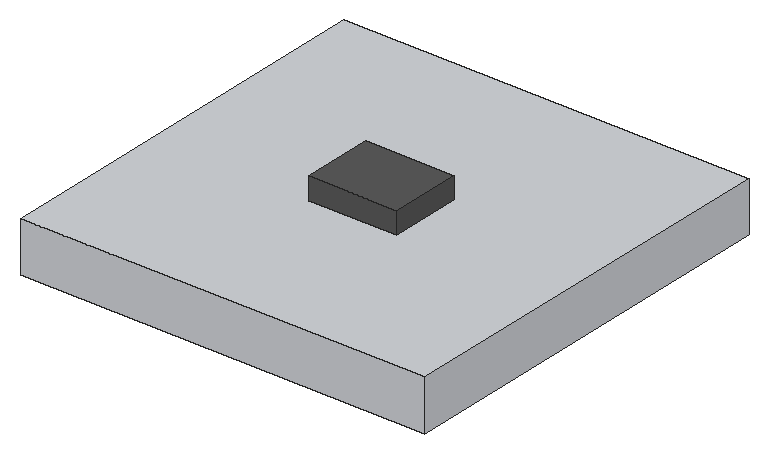
Revit family "r2018_videomax_urm_stoechnogo_ispolneniya", category Устройства связи, Revit 2018
Family settings
  Основа = Грань
  Сохранять ориентацию аннотаций = Да
  Размер круглого соединителя = Использовать диаметр
  Тип детали = Нормальный
  При загрузке вырезать с полостями = Нет
  Общий = Нет
  Точка расчета площади = Нет
Parameters (values of type "19” 3U (3S)")
  Указания по монтажу = "Для монтажа использовать комплектные 19” салазки SR26 с параметрами: расстояние между профилями 572 - 672 мм, габариты в сложенном состоянии 650 мм."
  Модель = ""
  Стоимость = 0
  Default Elevation = 2600 mm
  Минимальная глубина шкафа, мм = 800
  Максимальное тепловыделение, BTU/h = Максимальная потребляемая мощность Вт * 3.412  # 0
  Максимальное количество подключаемых мониторов, шт = 1
  Максимальная потребляемая мощность Вт = 0
  Максимальная мощность БП, Вт = 0
  Количество интерфейсов Gigabit LAN, шт = 1
  Количество интерфейсов 10 Gigabit LAN, шт = 0
  Количество входов 230V, шт = 1
  Изображение типоразмера = 19 (3U.3S).png
  Изготовитель = "ООО «Видеомакс»"  # constant formula
  Ширина = 430 mm
  Глубина = 530 mm
  Высота в U [instance] = 3
  Высота = 133 mm
  URL = "https://www.videomax-server.ru/"
  Material = Черный
  LOD 500 [instance] = yes
  LOD 300 [instance] = yes
  Front = videomax_19 3U (3S, 3N) : Front
  Back = videomax_19 3U (3S, 3N) : Back
  ADSK_Этаж [instance] = ""
  ADSK_Ток = 0 A
  ADSK_Примечание [instance] = ""
  ADSK_Позиция [instance] = ""
  ADSK_Обозначение = "19” 3U (3S)"
  ADSK_Номинальная мощность = 0 VA
  ADSK_Напряжение = 230 V
  ADSK_Наименование = "УРМ стоечного исполнения 19” 3U (3S)"
  ADSK_Масса = 0
  ADSK_Марка = "VIDEOMAX-URM"  # constant formula
  ADSK_Коэффициент мощности = 0.96
  ADSK_Количество = 1  # constant formula
  ADSK_Код изделия = "ТУ 26.20.15-003-37165186-2020"  # constant formula
  ADSK_Классификация нагрузок = none
  ADSK_Завод-изготовитель = "ООО «Видеомакс»"  # constant formula
  ADSK_Единица измерения = "шт."  # constant formula
  ADSK_Версия семейства = "v2"  # constant formula
  ADSK_Версия Revit = "2018"  # constant formula
  4_300 [instance] = and([19” 4U (4A)], LOD 300)  # no
  3_300 [instance] = and([19” 3U (3S)], LOD 300)  # yes
  2_300 [instance] = and([19” 2U (2S)], LOD 300)  # no
  19” 4U (4A) = no
  19” 3U (3S) = yes
  19” 2U (2S) = no
Reference planes
  plane 1 "По центру (Вперед/Назад)": y = 0
  plane 2: z = 0
  plane 3 "По центру (Влево/Вправо)": x = 0.038
  plane 4: z = 0
  plane 5: x = -264.962
  plane 6: x = 265.038
  plane 7: y = 215
  plane 8: y = -215
Forms (mm)
  Extrusion 1, solid
    sketch origin (-0.8, 20.8, 0) x (1, 0, 0) y (0, 1, 0)
      loop
        line (-1219.2, 1219.2) -> (-1219.2, -1219.2) -> (1219.2, -1219.2) -> (1219.2, 1219.2) -> (-1219.2, 1219.2)
    from 0 to -304.8
  Extrusion 2, solid, material "Черный" <- "Material", detail levels medium+fine
    sketch origin (-68.585, -0.071, 0) x (0, -1, 0) y (1, 0, 0)
      loop
        line (-215.071, -196.377) -> (214.929, -196.377) -> (214.929, 333.623) -> (-215.071, 333.623) -> (-215.071, -196.377)
    from 0 to 133
Lines and regions (mm)
  reference lines
    curve 1: line (-376.303, 0, 0) -> (306.37, 0, 0)
  model lines, detail levels coarse
    curve 2: line (-264.962, 215, 0) -> (265.038, 215, 0)
    curve 3: line (265.038, 215, 0) -> (265.038, -215, 0)
    curve 4: line (265.038, -215, 0) -> (-264.962, -215, 0)
    curve 5: line (-264.962, -215, 0) -> (-264.962, 215, 0)
Dimensions and locks
  "Высота": Extrusion 2 to Extrusion 2
  equal spacing: plane 5, plane 3 "По центру (Влево/Вправо)", plane 6
  "Глубина": plane 5 to plane 6
  equal spacing: plane 7, plane 1 "По центру (Вперед/Назад)", plane 8
  "Ширина": plane 7 to plane 8
  aligned and locked: plane 2 to Extrusion 1
  aligned and locked: level to Extrusion 1
  aligned and locked: Extrusion 2 to Extrusion 1
  aligned and locked: curve 1 to Extrusion 2
  aligned and locked: plane 7 to Extrusion 2 sketch curve
  aligned and locked: Extrusion 2 sketch curve to plane 6
  aligned and locked: plane 5 to Extrusion 2 sketch curve
  aligned and locked: Extrusion 2 sketch curve to plane 8
  aligned and locked: plane 1 "По центру (Вперед/Назад)" to nested 1
  aligned and locked: nested 2 to plane 1 "По центру (Вперед/Назад)"
Automatic sketch dimensions
  Extrusion 1 sketch curve to Extrusion 1 sketch curve = 2438.4 mm  (x2)
  curve 1 to level = 0 mm
  curve 1 to plane 6 = 41.332 mm
  plane 5 to curve 1 = 111.341 mm
  curve 4 to curve 4 = 530 mm
  curve 3 to curve 3 = 430 mm
  curve 4 to plane 5 = 0 mm
  curve 2 to plane 6 = 0 mm
  curve 3 to plane 8 = 0 mm
  curve 5 to plane 7 = 0 mm
Nested families
  nested 1: "videomax_19 3U (3S, 3N)" at (-264.962, 0, 0) x (0, -1, 0) z (-1, 0, 0), LOD500 <- "LOD 500", a setting <- "Front", type "Front"
    with LOD500 yes, Front_500 yes, Back_500 no
  nested 2: "videomax_19 3U (3S, 3N)" at (265.038, 0, 0) x (0, 1, 0) z (1, 0, 0), LOD500 <- "LOD 500", a setting <- "Back", type ""
    with LOD500 yes, Front_500 no, Back_500 yes
Connectors
  electrical at (0.038, 0, 0), driven by "ADSK_Напряжение", driven by "ADSK_Номинальная мощность", driven by "ADSK_Коэффициент мощности"
    settings: on Extrusion 2, index 1, voltage 230 V, apparent load 0 VA, apparent load phase1 0 VA, apparent load phase2 0 VA, apparent load phase3 0 VA, power factor 0.96, load classification "Прочее", number of poles 1, system type 30, power factor state 0, is connector primary yes, connector utility yes, sub classification motor no, connector description ""
Definition of nested family "videomax_19 3U (3S, 3N)"
  Parameters (values of type "Front")
    Default Elevation = 1219.2 mm
    LOD500 [instance] = yes
    Front_500 [instance] = and(Front, LOD500)  # yes
    Front = yes
    Back_500 [instance] = and(Back, LOD500)  # no
    Back = no
  Types (2, lengths in mm): name | LOD500 | Front_500 | Front | Back
    Front | yes | yes | yes | no
    Back | no | no | no | yes
  Reference planes
    plane 1 "По центру (Вперед/Назад)": y = 0
    plane 2: z = 0
    plane 3 "По центру (Влево/Вправо)": x = 0
    plane 4: y = 410
  Lines and regions (mm)
    model lines, not visible, detail levels fine
      curve 1: circle (476.946, 294.761, 0) r 4.572 normal (0, 0, 1)
      curve 2: circle (584.681, 294.761, 0) r 4.572 normal (0, 0, 1)
      curve 3: circle (584.681, 187.046, 0) r 4.572 normal (0, 0, 1)
      curve 4: circle (476.946, 187.256, 0) r 4.572 normal (0, 0, 1)
      curve 5: arc (491.307, 277.537, 0) -> (476.941, 240.916, 0) -> (491.307, 204.296, 0) r 53.857
      curve 6: arc (497.277, 210.267, 0) -> (485.38, 240.916, 0) -> (497.277, 271.566, 0) r 45.427
      curve 7: arc (508.986, 259.857, 0) -> (503.738, 251.026, 0) -> (501.912, 240.916, 0) r 28.894
      curve 8: arc (501.912, 240.916, 0) -> (503.738, 230.807, 0) -> (508.986, 221.976, 0) r 28.894
      curve 9: arc (513.574, 226.564, 0) -> (509.718, 233.285, 0) -> (508.38, 240.916, 0) r 22.427
      curve 10: arc (508.38, 240.916, 0) -> (509.718, 248.548, 0) -> (513.574, 255.269, 0) r 22.427
      curve 11: arc (500.363, 268.48, 0) -> (492.487, 255.686, 0) -> (489.739, 240.916, 0) r 41.067
      curve 12: arc (489.739, 240.916, 0) -> (492.487, 226.146, 0) -> (500.363, 213.353, 0) r 41.067
      curve 13: arc (506.34, 219.329, 0) -> (500.286, 229.377, 0) -> (498.178, 240.916, 0) r 32.629
      curve 14: arc (498.178, 240.916, 0) -> (500.286, 252.456, 0) -> (506.34, 262.504, 0) r 32.629
      curve 15: arc (570.306, 277.537, 0) -> (584.672, 240.916, 0) -> (570.307, 204.296, 0) r 53.857
      curve 16: arc (564.336, 210.267, 0) -> (576.233, 240.916, 0) -> (564.336, 271.566, 0) r 45.427
      curve 17: arc (552.627, 259.857, 0) -> (557.875, 251.026, 0) -> (559.701, 240.916, 0) r 28.894
      curve 18: arc (559.701, 240.916, 0) -> (557.875, 230.807, 0) -> (552.627, 221.976, 0) r 28.894
      curve 19: arc (548.039, 226.564, 0) -> (551.895, 233.285, 0) -> (553.233, 240.916, 0) r 22.427
      curve 20: arc (553.233, 240.916, 0) -> (551.895, 248.548, 0) -> (548.039, 255.269, 0) r 22.427
      curve 21: arc (561.25, 268.48, 0) -> (569.126, 255.686, 0) -> (571.874, 240.916, 0) r 41.067
      curve 22: arc (571.874, 240.916, 0) -> (569.126, 226.146, 0) -> (561.25, 213.353, 0) r 41.067
      curve 23: arc (555.274, 219.329, 0) -> (561.327, 229.377, 0) -> (563.435, 240.916, 0) r 32.629
      curve 24: arc (563.435, 240.916, 0) -> (561.327, 252.456, 0) -> (555.273, 262.504, 0) r 32.629
      curve 25: arc (567.427, 201.417, 0) -> (530.807, 187.051, 0) -> (494.186, 201.416, 0) r 53.857
      curve 26: arc (500.157, 207.387, 0) -> (530.807, 195.49, 0) -> (561.456, 207.387, 0) r 45.427
      curve 27: arc (549.747, 219.096, 0) -> (540.916, 213.848, 0) -> (530.807, 212.022, 0) r 28.894
      curve 28: arc (530.807, 212.022, 0) -> (520.697, 213.848, 0) -> (511.866, 219.096, 0) r 28.894
      curve 29: arc (516.454, 223.684, 0) -> (523.175, 219.828, 0) -> (530.807, 218.49, 0) r 22.427
      curve 30: arc (530.807, 218.49, 0) -> (538.439, 219.828, 0) -> (545.159, 223.684, 0) r 22.427
      curve 31: arc (558.37, 210.473, 0) -> (545.577, 202.597, 0) -> (530.807, 199.849, 0) r 41.067
      curve 32: arc (530.807, 199.849, 0) -> (516.037, 202.597, 0) -> (503.243, 210.473, 0) r 41.067
      curve 33: arc (509.219, 216.449, 0) -> (519.267, 210.396, 0) -> (530.807, 208.288, 0) r 32.629
      curve 34: arc (530.807, 208.288, 0) -> (542.346, 210.396, 0) -> (552.394, 216.45, 0) r 32.629
      curve 35: arc (567.427, 280.416, 0) -> (530.807, 294.782, 0) -> (494.186, 280.416, 0) r 53.857
      curve 36: arc (500.157, 274.446, 0) -> (530.807, 286.343, 0) -> (561.456, 274.446, 0) r 45.427
      curve 37: arc (549.747, 262.737, 0) -> (540.916, 267.985, 0) -> (530.807, 269.811, 0) r 28.894
      curve 38: arc (530.807, 269.811, 0) -> (520.697, 267.985, 0) -> (511.866, 262.737, 0) r 28.894
      curve 39: arc (516.454, 258.149, 0) -> (523.175, 262.005, 0) -> (530.807, 263.343, 0) r 22.427
      curve 40: arc (530.807, 263.343, 0) -> (538.439, 262.005, 0) -> (545.159, 258.149, 0) r 22.427
      curve 41: arc (558.37, 271.359, 0) -> (545.577, 279.236, 0) -> (530.807, 281.984, 0) r 41.067
      curve 42: arc (530.807, 281.984, 0) -> (516.037, 279.236, 0) -> (503.243, 271.36, 0) r 41.067
      curve 43: arc (509.219, 265.383, 0) -> (519.267, 271.437, 0) -> (530.807, 273.545, 0) r 32.629
      curve 44: arc (530.807, 273.545, 0) -> (542.346, 271.437, 0) -> (552.394, 265.383, 0) r 32.629
      curve 45: circle (476.946, 152.375, 0) r 4.572 normal (0, 0, 1)
      curve 46: circle (584.681, 152.375, 0) r 4.572 normal (0, 0, 1)
      curve 47: circle (584.681, 44.66, 0) r 4.572 normal (0, 0, 1)
      curve 48: circle (476.946, 44.87, 0) r 4.572 normal (0, 0, 1)
      curve 49: arc (491.307, 135.15, 0) -> (476.941, 98.53, 0) -> (491.307, 61.91, 0) r 53.857
      curve 50: arc (497.277, 67.881, 0) -> (485.38, 98.53, 0) -> (497.277, 129.18, 0) r 45.427
      curve 51: arc (508.986, 117.471, 0) -> (503.738, 108.64, 0) -> (501.912, 98.53, 0) r 28.894
      curve 52: arc (501.912, 98.53, 0) -> (503.738, 88.421, 0) -> (508.986, 79.59, 0) r 28.894
      curve 53: arc (513.574, 84.178, 0) -> (509.718, 90.898, 0) -> (508.38, 98.53, 0) r 22.427
      curve 54: arc (508.38, 98.53, 0) -> (509.718, 106.162, 0) -> (513.574, 112.883, 0) r 22.427
      curve 55: arc (500.363, 126.094, 0) -> (492.487, 113.3, 0) -> (489.739, 98.53, 0) r 41.067
      curve 56: arc (489.739, 98.53, 0) -> (492.487, 83.76, 0) -> (500.363, 70.967, 0) r 41.067
      curve 57: arc (506.34, 76.943, 0) -> (500.286, 86.991, 0) -> (498.178, 98.53, 0) r 32.629
      curve 58: arc (498.178, 98.53, 0) -> (500.286, 110.07, 0) -> (506.34, 120.118, 0) r 32.629
      curve 59: arc (570.306, 135.15, 0) -> (584.672, 98.53, 0) -> (570.307, 61.91, 0) r 53.857
      curve 60: arc (564.336, 67.881, 0) -> (576.233, 98.53, 0) -> (564.336, 129.18, 0) r 45.427
      curve 61: arc (552.627, 117.471, 0) -> (557.875, 108.64, 0) -> (559.701, 98.53, 0) r 28.894
      curve 62: arc (559.701, 98.53, 0) -> (557.875, 88.421, 0) -> (552.627, 79.59, 0) r 28.894
      curve 63: arc (548.039, 84.178, 0) -> (551.895, 90.898, 0) -> (553.233, 98.53, 0) r 22.427
      curve 64: arc (553.233, 98.53, 0) -> (551.895, 106.162, 0) -> (548.039, 112.883, 0) r 22.427
      curve 65: arc (561.25, 126.094, 0) -> (569.126, 113.3, 0) -> (571.874, 98.53, 0) r 41.067
      curve 66: arc (571.874, 98.53, 0) -> (569.126, 83.76, 0) -> (561.25, 70.967, 0) r 41.067
      curve 67: arc (555.274, 76.943, 0) -> (561.327, 86.991, 0) -> (563.435, 98.53, 0) r 32.629
      curve 68: arc (563.435, 98.53, 0) -> (561.327, 110.07, 0) -> (555.273, 120.118, 0) r 32.629
      curve 69: arc (567.427, 59.03, 0) -> (530.807, 44.664, 0) -> (494.186, 59.03, 0) r 53.857
      curve 70: arc (500.157, 65.001, 0) -> (530.807, 53.103, 0) -> (561.456, 65.001, 0) r 45.427
      curve 71: arc (549.747, 76.71, 0) -> (540.916, 71.462, 0) -> (530.807, 69.636, 0) r 28.894
      curve 72: arc (530.807, 69.636, 0) -> (520.697, 71.462, 0) -> (511.866, 76.71, 0) r 28.894
      curve 73: arc (516.454, 81.297, 0) -> (523.175, 77.442, 0) -> (530.807, 76.103, 0) r 22.427
      curve 74: arc (530.807, 76.103, 0) -> (538.439, 77.442, 0) -> (545.159, 81.298, 0) r 22.427
      curve 75: arc (558.37, 68.087, 0) -> (545.577, 60.211, 0) -> (530.807, 57.463, 0) r 41.067
      curve 76: arc (530.807, 57.463, 0) -> (516.037, 60.211, 0) -> (503.243, 68.087, 0) r 41.067
      curve 77: arc (509.219, 74.063, 0) -> (519.267, 68.01, 0) -> (530.807, 65.901, 0) r 32.629
      curve 78: arc (530.807, 65.901, 0) -> (542.346, 68.01, 0) -> (552.394, 74.063, 0) r 32.629
      curve 79: arc (567.427, 138.03, 0) -> (530.807, 152.396, 0) -> (494.186, 138.03, 0) r 53.857
      curve 80: arc (500.157, 132.059, 0) -> (530.807, 143.957, 0) -> (561.456, 132.059, 0) r 45.427
      curve 81: arc (549.747, 120.351, 0) -> (540.916, 125.598, 0) -> (530.807, 127.424, 0) r 28.894
      curve 82: arc (530.807, 127.424, 0) -> (520.697, 125.598, 0) -> (511.866, 120.351, 0) r 28.894
      curve 83: arc (516.454, 115.763, 0) -> (523.175, 119.619, 0) -> (530.807, 120.957, 0) r 22.427
      curve 84: arc (530.807, 120.957, 0) -> (538.439, 119.619, 0) -> (545.159, 115.763, 0) r 22.427
      curve 85: arc (558.37, 128.973, 0) -> (545.577, 136.85, 0) -> (530.807, 139.598, 0) r 41.067
      curve 86: arc (530.807, 139.598, 0) -> (516.037, 136.85, 0) -> (503.243, 128.973, 0) r 41.067
      curve 87: arc (509.219, 122.997, 0) -> (519.267, 129.05, 0) -> (530.807, 131.159, 0) r 32.629
      curve 88: arc (530.807, 131.159, 0) -> (542.346, 129.05, 0) -> (552.394, 122.997, 0) r 32.629
      curve 89: line (801.868, 401.854, 0) -> (801.868, -0.146, 0)
      curve 90: line (835.885, 0.001, 0) -> (835.885, 401.854, 0)
      curve 91: line (801.868, 401.854, 0) -> (801.868, 393.708, 0)
      curve 92: line (801.868, 393.708, 0) -> (407.821, 393.708, 0)
      curve 93: line (407.821, 393.708, 0) -> (407.821, 401.854, 0)
      curve 94: line (407.821, 401.854, 0) -> (835.821, 401.854, 0)
      curve 95: line (835.821, 401.854, 0) -> (835.821, -0.146, 0)
      curve 96: line (835.821, -0.146, 0) -> (407.821, -0.146, 0)
      curve 97: line (407.821, -0.146, 0) -> (407.821, 401.854, 0)
      curve 98: line (471.01, 180.915, 0) -> (591.009, 180.915, 0)
      curve 99: line (591.009, 180.915, 0) -> (591.009, 300.915, 0)
      curve 100: line (591.009, 300.915, 0) -> (471.01, 300.915, 0)
      curve 101: line (471.01, 300.915, 0) -> (471.01, 180.915, 0)
      curve 102: line (497.277, 271.566, 0) -> (491.307, 277.537, 0)
      curve 103: line (491.307, 204.296, 0) -> (497.277, 210.267, 0)
      curve 104: line (513.574, 255.269, 0) -> (508.986, 259.857, 0)
      curve 105: line (508.986, 221.976, 0) -> (513.574, 226.564, 0)
      curve 106: line (506.34, 262.504, 0) -> (500.363, 268.48, 0)
      curve 107: line (500.363, 213.353, 0) -> (506.34, 219.329, 0)
      curve 108: line (564.336, 271.566, 0) -> (570.306, 277.537, 0)
      curve 109: line (570.307, 204.296, 0) -> (564.336, 210.267, 0)
      curve 110: line (548.039, 255.269, 0) -> (552.627, 259.857, 0)
      curve 111: line (552.627, 221.976, 0) -> (548.039, 226.564, 0)
      curve 112: line (555.273, 262.504, 0) -> (561.25, 268.48, 0)
      curve 113: line (561.25, 213.353, 0) -> (555.274, 219.329, 0)
      curve 114: line (561.456, 207.387, 0) -> (567.427, 201.417, 0)
      curve 115: line (494.186, 201.416, 0) -> (500.157, 207.387, 0)
      curve 116: line (545.159, 223.684, 0) -> (549.747, 219.096, 0)
      curve 117: line (511.866, 219.096, 0) -> (516.454, 223.684, 0)
      curve 118: line (552.394, 216.45, 0) -> (558.37, 210.473, 0)
      curve 119: line (503.243, 210.473, 0) -> (509.219, 216.449, 0)
      curve 120: line (561.456, 274.446, 0) -> (567.427, 280.416, 0)
      curve 121: line (494.186, 280.416, 0) -> (500.157, 274.446, 0)
      curve 122: line (545.159, 258.149, 0) -> (549.747, 262.737, 0)
      curve 123: line (511.866, 262.737, 0) -> (516.454, 258.149, 0)
      curve 124: line (552.394, 265.383, 0) -> (558.37, 271.359, 0)
      curve 125: line (503.243, 271.36, 0) -> (509.219, 265.383, 0)
      curve 126: line (471.01, 38.529, 0) -> (591.009, 38.529, 0)
      curve 127: line (591.009, 38.529, 0) -> (591.009, 158.529, 0)
      curve 128: line (591.009, 158.529, 0) -> (471.01, 158.529, 0)
      curve 129: line (471.01, 158.529, 0) -> (471.01, 38.529, 0)
      curve 130: line (497.277, 129.18, 0) -> (491.307, 135.15, 0)
      curve 131: line (491.307, 61.91, 0) -> (497.277, 67.881, 0)
      curve 132: line (513.574, 112.883, 0) -> (508.986, 117.471, 0)
      curve 133: line (508.986, 79.59, 0) -> (513.574, 84.178, 0)
      curve 134: line (506.34, 120.118, 0) -> (500.363, 126.094, 0)
      curve 135: line (500.363, 70.967, 0) -> (506.34, 76.943, 0)
      curve 136: line (564.336, 129.18, 0) -> (570.306, 135.15, 0)
      curve 137: line (570.307, 61.91, 0) -> (564.336, 67.881, 0)
      curve 138: line (548.039, 112.883, 0) -> (552.627, 117.471, 0)
      curve 139: line (552.627, 79.59, 0) -> (548.039, 84.178, 0)
      curve 140: line (555.273, 120.118, 0) -> (561.25, 126.094, 0)
      curve 141: line (561.25, 70.967, 0) -> (555.274, 76.943, 0)
      curve 142: line (561.456, 65.001, 0) -> (567.427, 59.03, 0)
      curve 143: line (494.186, 59.03, 0) -> (500.157, 65.001, 0)
      curve 144: line (545.159, 81.298, 0) -> (549.747, 76.71, 0)
      curve 145: line (511.866, 76.71, 0) -> (516.454, 81.297, 0)
      curve 146: line (552.394, 74.063, 0) -> (558.37, 68.087, 0)
      curve 147: line (503.243, 68.087, 0) -> (509.219, 74.063, 0)
      curve 148: line (561.456, 132.059, 0) -> (567.427, 138.03, 0)
      curve 149: line (494.186, 138.03, 0) -> (500.157, 132.059, 0)
      curve 150: line (545.159, 115.763, 0) -> (549.747, 120.351, 0)
      curve 151: line (511.866, 120.351, 0) -> (516.454, 115.763, 0)
      curve 152: line (552.394, 122.997, 0) -> (558.37, 128.973, 0)
      curve 153: line (503.243, 128.973, 0) -> (509.219, 122.997, 0)
      curve 154: line (879.633, -0.146, 0) -> (1307.631, -0.146, 0)
      curve 155: line (1307.631, -0.146, 0) -> (1307.631, 401.854, 0)
      curve 156: line (1307.631, 401.854, 0) -> (879.633, 401.854, 0)
      curve 157: line (879.633, 401.854, 0) -> (879.633, -0.146, 0)
      curve 158: line (913.648, 401.854, 0) -> (913.648, 393.708, 0)
      curve 159: line (913.648, 393.708, 0) -> (1307.631, 393.708, 0)
      curve 160: line (1307.631, 393.708, 0) -> (1307.631, 401.854, 0)
      curve 161: line (879.631, 401.854, 0) -> (879.631, 0, 0)
      curve 162: line (913.648, -0.146, 0) -> (913.648, 401.854, 0)
    model lines, visible <- "Front_500", detail levels fine
      curve 163: arc (-229.881, 131.204, 0) -> (-226.463, 127.548, 0) -> (-229.881, 123.893, 0) r 3.663
      curve 164: arc (-234.006, 123.893, 0) -> (-237.469, 127.502, 0) -> (-234.106, 131.204, 0) r 3.664
      curve 165: arc (-229.836, 115.21, 0) -> (-226.418, 111.555, 0) -> (-229.836, 107.9, 0) r 3.663
      curve 166: arc (-233.961, 107.9, 0) -> (-237.424, 111.508, 0) -> (-234.061, 115.21, 0) r 3.664
      curve 167: arc (-229.933, 25.493, 0) -> (-226.515, 21.838, 0) -> (-229.933, 18.183, 0) r 3.663
      curve 168: arc (-234.058, 18.183, 0) -> (-237.521, 21.791, 0) -> (-234.158, 25.493, 0) r 3.664
      curve 169: arc (-229.888, 9.5, 0) -> (-226.47, 5.845, 0) -> (-229.888, 2.189, 0) r 3.663
      curve 170: arc (-234.013, 2.189, 0) -> (-237.476, 5.798, 0) -> (-234.113, 9.5, 0) r 3.664
      curve 171: arc (-238.273, 91.686, 0) -> (-235.232, 95.134, 0) -> (-232.191, 91.686, 0) r 3.065
      curve 172: arc (-232.191, 41.387, 0) -> (-235.233, 38.348, 0) -> (-238.273, 41.389, 0) r 3.041
      curve 173: arc (231.534, 91.663, 0) -> (234.575, 95.111, 0) -> (237.616, 91.663, 0) r 3.065
      curve 174: arc (237.616, 41.364, 0) -> (234.574, 38.325, 0) -> (231.534, 41.366, 0) r 3.041
      curve 175: arc (233.873, 131.188, 0) -> (237.291, 127.533, 0) -> (233.873, 123.878, 0) r 3.663
      curve 176: arc (229.748, 123.878, 0) -> (226.285, 127.487, 0) -> (229.648, 131.188, 0) r 3.664
      curve 177: arc (233.918, 115.195, 0) -> (237.336, 111.54, 0) -> (233.918, 107.885, 0) r 3.663
      curve 178: arc (229.793, 107.885, 0) -> (226.33, 111.493, 0) -> (229.693, 115.195, 0) r 3.664
      curve 179: arc (233.821, 25.478, 0) -> (237.239, 21.823, 0) -> (233.821, 18.167, 0) r 3.663
      curve 180: arc (229.696, 18.167, 0) -> (226.233, 21.776, 0) -> (229.596, 25.478, 0) r 3.664
      curve 181: arc (233.866, 9.485, 0) -> (237.284, 5.829, 0) -> (233.866, 2.174, 0) r 3.663
      curve 182: arc (229.741, 2.174, 0) -> (226.278, 5.783, 0) -> (229.641, 9.485, 0) r 3.664
      curve 187: arc (-180.313, 74.528, 0) -> (-178.337, 73.673, 0) -> (-177.483, 71.697, 0) r 2.923
      curve 188: arc (-177.475, 41.586, 0) -> (-178.303, 39.656, 0) -> (-180.208, 38.773, 0) r 2.935
      curve 189: arc (-183.497, 38.773, 0) -> (-185.089, 39.347, 0) -> (-186.079, 40.719, 0) r 2.868
      curve 190: arc (-186.133, 40.883, 0) -> (-186.162, 40.969, 0) -> (-186.183, 41.056, 0) r 1.175
      curve 191: arc (-186.241, 71.815, 0) -> (-185.392, 73.692, 0) -> (-183.516, 74.541, 0) r 2.92
      curve 192: arc (-191.736, 85.119, 0) -> (-183.272, 89.913, 0) -> (-174.215, 86.363, 0) r 11.313
      curve 193: arc (-151.456, 74.505, 0) -> (-149.48, 73.651, 0) -> (-148.626, 71.675, 0) r 2.923
      curve 194: arc (-148.618, 41.563, 0) -> (-149.446, 39.633, 0) -> (-151.351, 38.75, 0) r 2.935
      curve 195: arc (-154.64, 38.75, 0) -> (-156.232, 39.325, 0) -> (-157.222, 40.697, 0) r 2.868
      curve 196: arc (-157.276, 40.86, 0) -> (-157.305, 40.946, 0) -> (-157.326, 41.034, 0) r 1.175
      curve 197: arc (-157.384, 71.793, 0) -> (-156.535, 73.669, 0) -> (-154.659, 74.518, 0) r 2.92
      curve 198: arc (-162.879, 85.096, 0) -> (-154.415, 89.89, 0) -> (-145.358, 86.34, 0) r 11.313
      curve 199: arc (-122.568, 74.528, 0) -> (-120.593, 73.674, 0) -> (-119.738, 71.698, 0) r 2.923
      curve 200: arc (-119.731, 41.587, 0) -> (-120.558, 39.657, 0) -> (-122.463, 38.773, 0) r 2.935
      curve 201: arc (-125.753, 38.773, 0) -> (-127.344, 39.348, 0) -> (-128.335, 40.72, 0) r 2.868
      curve 202: arc (-128.389, 40.883, 0) -> (-128.417, 40.969, 0) -> (-128.439, 41.057, 0) r 1.175
      curve 203: arc (-128.497, 71.816, 0) -> (-127.648, 73.692, 0) -> (-125.771, 74.542, 0) r 2.92
      curve 204: arc (-133.992, 85.12, 0) -> (-125.527, 89.914, 0) -> (-116.471, 86.364, 0) r 11.313
      curve 205: arc (-93.646, 74.596, 0) -> (-91.67, 73.741, 0) -> (-90.816, 71.766, 0) r 2.923
      curve 206: arc (-90.808, 41.654, 0) -> (-91.636, 39.724, 0) -> (-93.541, 38.841, 0) r 2.935
      curve 207: arc (-96.83, 38.841, 0) -> (-98.422, 39.416, 0) -> (-99.413, 40.788, 0) r 2.868
      curve 208: arc (-99.467, 40.951, 0) -> (-99.495, 41.037, 0) -> (-99.517, 41.125, 0) r 1.175
      curve 209: arc (-99.574, 71.884, 0) -> (-98.725, 73.76, 0) -> (-96.849, 74.609, 0) r 2.92
      curve 210: arc (-105.069, 85.187, 0) -> (-96.605, 89.981, 0) -> (-87.548, 86.431, 0) r 11.313
      curve 211: arc (-64.793, 74.642, 0) -> (-62.817, 73.788, 0) -> (-61.963, 71.812, 0) r 2.923
      curve 212: arc (-61.955, 41.701, 0) -> (-62.783, 39.771, 0) -> (-64.688, 38.887, 0) r 2.935
      curve 213: arc (-67.977, 38.887, 0) -> (-69.569, 39.462, 0) -> (-70.56, 40.834, 0) r 2.868
      curve 214: arc (-70.614, 40.997, 0) -> (-70.642, 41.083, 0) -> (-70.664, 41.171, 0) r 1.175
      curve 215: arc (-70.721, 71.93, 0) -> (-69.872, 73.807, 0) -> (-67.996, 74.656, 0) r 2.92
      curve 216: arc (-76.216, 85.234, 0) -> (-67.752, 90.028, 0) -> (-58.695, 86.478, 0) r 11.313
      curve 217: arc (-44.959, 124.523, 0) -> (-44.571, 125.484, 0) -> (-43.61, 125.873, 0) r 1.327
      curve 218: arc (-17.215, 125.873, 0) -> (-16.206, 125.477, 0) -> (-15.81, 124.468, 0) r 1.356
      curve 219: arc (-15.81, 98.064, 0) -> (-16.26, 97.074, 0) -> (-17.288, 96.724, 0) r 1.37
      curve 220: arc (-43.789, 96.724, 0) -> (-44.602, 97.149, 0) -> (-44.959, 97.994, 0) r 1.36
      curve 221: arc (-40.87, 104.832, 0) -> (-41.045, 104.555, 0) -> (-41.331, 104.395, 0) r 0.669
      curve 222: arc (-41.331, 104.395, 0) -> (-41.62, 104.36, 0) -> (-41.909, 104.394, 0) r 1.221
      curve 223: arc (-41.909, 104.394, 0) -> (-42.196, 104.555, 0) -> (-42.372, 104.832, 0) r 0.666
      curve 224: arc (-36.41, 107.402, 0) -> (-35.738, 107.228, 0) -> (-35.321, 106.672, 0) r 1.05
      curve 225: arc (-35.321, 106.672, 0) -> (-35.242, 105.841, 0) -> (-35.351, 105.013, 0) r 3.691
      curve 226: arc (-35.351, 105.013, 0) -> (-35.767, 104.525, 0) -> (-36.395, 104.394, 0) r 0.991
      curve 227: arc (-37.746, 104.394, 0) -> (-38.092, 104.497, 0) -> (-38.24, 104.827, 0) r 0.433
      curve 228: arc (-38.24, 106.884, 0) -> (-38.137, 107.256, 0) -> (-37.781, 107.402, 0) r 0.438
      curve 229: arc (-37.269, 106.49, 0) -> (-37.246, 106.605, 0) -> (-37.15, 106.672, 0) r 0.158
      curve 230: arc (-37.15, 106.672, 0) -> (-36.956, 106.681, 0) -> (-36.763, 106.672, 0) r 2.175
      curve 231: arc (-36.763, 106.672, 0) -> (-36.442, 106.553, 0) -> (-36.275, 106.255, 0) r 0.495
      curve 232: arc (-36.275, 106.255, 0) -> (-36.238, 105.929, 0) -> (-36.26, 105.602, 0) r 1.804
      curve 233: arc (-36.26, 105.602, 0) -> (-36.351, 105.339, 0) -> (-36.58, 105.183, 0) r 0.439
      curve 234: arc (-36.58, 105.183, 0) -> (-36.822, 105.144, 0) -> (-37.067, 105.142, 0) r 1.635
      curve 235: arc (-37.067, 105.142, 0) -> (-37.212, 105.181, 0) -> (-37.269, 105.319, 0) r 0.169
      curve 236: arc (-34.897, 106.953, 0) -> (-34.774, 107.278, 0) -> (-34.449, 107.402, 0) r 0.425
      curve 237: arc (-33.747, 106.672, 0) -> (-33.879, 106.629, 0) -> (-33.926, 106.499, 0) r 0.158
      curve 238: arc (-33.926, 105.275, 0) -> (-33.868, 105.149, 0) -> (-33.731, 105.125, 0) r 0.15
      curve 239: arc (-34.395, 104.394, 0) -> (-34.77, 104.506, 0) -> (-34.897, 104.876, 0) r 0.428
      curve 240: arc (-31.938, 106.672, 0) -> (-31.596, 107.192, 0) -> (-31.01, 107.402, 0) r 0.982
      curve 241: arc (-31.01, 107.402, 0) -> (-30.359, 107.437, 0) -> (-29.708, 107.402, 0) r 6.122
      curve 242: arc (-29.708, 107.402, 0) -> (-29.121, 107.195, 0) -> (-28.781, 106.672, 0) r 0.967
      curve 243: arc (-28.781, 106.672, 0) -> (-28.705, 105.84, 0) -> (-28.82, 105.013, 0) r 3.655
      curve 244: arc (-28.82, 105.013, 0) -> (-29.172, 104.57, 0) -> (-29.71, 104.394, 0) r 0.985
      curve 245: arc (-29.71, 104.394, 0) -> (-30.354, 104.36, 0) -> (-30.998, 104.394, 0) r 6.021
      curve 246: arc (-30.998, 104.394, 0) -> (-31.543, 104.566, 0) -> (-31.899, 105.013, 0) r 0.975
      curve 247: arc (-31.899, 105.013, 0) -> (-32.014, 105.84, 0) -> (-31.938, 106.672, 0) r 3.652
      curve 248: arc (-30.995, 106.255, 0) -> (-30.862, 106.526, 0) -> (-30.598, 106.672, 0) r 0.501
      curve 249: arc (-30.598, 106.672, 0) -> (-30.351, 106.689, 0) -> (-30.104, 106.671, 0) r 1.717
      curve 250: arc (-30.104, 106.671, 0) -> (-29.851, 106.52, 0) -> (-29.721, 106.255, 0) r 0.517
      curve 251: arc (-29.721, 106.255, 0) -> (-29.702, 105.929, 0) -> (-29.713, 105.602, 0) r 3.538
      curve 252: arc (-29.713, 105.602, 0) -> (-29.849, 105.282, 0) -> (-30.16, 105.125, 0) r 0.506
      curve 253: arc (-30.16, 105.125, 0) -> (-30.384, 105.108, 0) -> (-30.607, 105.125, 0) r 1.454
      curve 254: arc (-30.607, 105.125, 0) -> (-30.884, 105.296, 0) -> (-30.995, 105.602, 0) r 0.493
      curve 255: arc (-30.995, 105.602, 0) -> (-31.017, 105.929, 0) -> (-30.995, 106.255, 0) r 2.406
      curve 256: arc (-26.844, 104.721, 0) -> (-26.739, 104.517, 0) -> (-26.545, 104.394, 0) r 0.437
      curve 257: arc (-26.03, 104.388, 0) -> (-25.823, 104.509, 0) -> (-25.711, 104.721, 0) r 0.437
      curve 258: arc (-24.189, 106.917, 0) -> (-24.299, 107.239, 0) -> (-24.599, 107.402, 0) r 0.469
      curve 259: arc (-24.599, 107.402, 0) -> (-24.923, 107.437, 0) -> (-25.247, 107.402, 0) r 1.531
      curve 260: arc (-25.247, 107.402, 0) -> (-25.531, 107.237, 0) -> (-25.697, 106.953, 0) r 0.642
      curve 261: arc (-26.192, 105.459, 0) -> (-26.277, 105.379, 0) -> (-26.361, 105.459, 0) r 0.085
      curve 262: arc (-26.86, 106.959, 0) -> (-27.026, 107.239, 0) -> (-27.307, 107.402, 0) r 0.645
      curve 263: arc (-27.307, 107.402, 0) -> (-27.63, 107.437, 0) -> (-27.952, 107.402, 0) r 1.515
      curve 264: arc (-27.952, 107.402, 0) -> (-28.248, 107.238, 0) -> (-28.361, 106.92, 0) r 0.478
      curve 265: arc (-21.617, 107.077, 0) -> (-21.753, 107.282, 0) -> (-21.968, 107.402, 0) r 0.524
      curve 266: arc (-21.968, 107.402, 0) -> (-22.298, 107.437, 0) -> (-22.628, 107.402, 0) r 1.588
      curve 267: arc (-22.628, 107.402, 0) -> (-22.851, 107.287, 0) -> (-22.988, 107.077, 0) r 0.487
      curve 268: arc (-36.349, 112.946, 0) -> (-36.224, 112.856, 0) -> (-36.099, 112.946, 0) r 0.132
      curve 269: arc (-34.584, 116.993, 0) -> (-34.023, 117.819, 0) -> (-33.104, 118.205, 0) r 1.757
      curve 270: arc (-33.104, 118.205, 0) -> (-32.48, 118.233, 0) -> (-31.862, 118.145, 0) r 3.339
      curve 271: arc (-34.299, 111.645, 0) -> (-34.748, 110.934, 0) -> (-35.481, 110.522, 0) r 1.716
      curve 272: arc (-35.481, 110.522, 0) -> (-36.223, 110.433, 0) -> (-36.964, 110.521, 0) r 3.132
      curve 273: arc (-36.964, 110.521, 0) -> (-37.7, 110.932, 0) -> (-38.151, 111.645, 0) r 1.708
      curve 274: arc (-31.208, 117.769, 0) -> (-30.917, 117.416, 0) -> (-30.71, 117.008, 0) r 2.097
      curve 275: arc (-27.968, 117.014, 0) -> (-27.619, 117.619, 0) -> (-27.065, 118.044, 0) r 1.789
      curve 276: arc (-27.065, 118.044, 0) -> (-26.051, 118.237, 0) -> (-25.035, 118.056, 0) r 2.857
      curve 277: arc (-25.035, 118.056, 0) -> (-24.464, 117.63, 0) -> (-24.105, 117.014, 0) r 1.781
      curve 278: arc (-25.879, 115.625, 0) -> (-26.036, 115.752, 0) -> (-26.194, 115.625, 0) r 0.161
      curve 279: circle (-6.289, 121.414, 0) r 3.045 normal (0, 0, 1)
      curve 280: circle (6.734, 121.447, 0) r 3.045 normal (0, 0, 1)
      curve 281: circle (-6.261, 109.989, 0) r 3.045 normal (0, 0, 1)
      curve 282: circle (6.762, 110.023, 0) r 3.045 normal (0, 0, 1)
      curve 283: circle (-6.291, 98.67, 0) r 3.045 normal (0, 0, 1)
      curve 284: circle (6.732, 98.704, 0) r 3.045 normal (0, 0, 1)
      curve 285: circle (-6.307, 87.363, 0) r 3.045 normal (0, 0, 1)
      curve 286: circle (6.716, 87.396, 0) r 3.045 normal (0, 0, 1)
      curve 287: circle (-6.342, 75.985, 0) r 3.045 normal (0, 0, 1)
      curve 288: circle (6.681, 76.018, 0) r 3.045 normal (0, 0, 1)
      curve 289: circle (-6.325, 64.572, 0) r 3.045 normal (0, 0, 1)
      curve 290: circle (6.698, 64.606, 0) r 3.045 normal (0, 0, 1)
      curve 291: circle (-6.296, 53.147, 0) r 3.045 normal (0, 0, 1)
      curve 292: circle (6.727, 53.181, 0) r 3.045 normal (0, 0, 1)
      curve 293: circle (-6.327, 41.828, 0) r 3.045 normal (0, 0, 1)
      curve 294: circle (6.696, 41.862, 0) r 3.045 normal (0, 0, 1)
      curve 295: circle (-6.343, 30.521, 0) r 3.045 normal (0, 0, 1)
      curve 296: circle (6.68, 30.555, 0) r 3.045 normal (0, 0, 1)
      curve 297: circle (-36.663, 14.265, 0) r 3.045 normal (0, 0, 1)
      curve 298: circle (-24.366, 14.325, 0) r 3.045 normal (0, 0, 1)
      curve 299: circle (29.423, 14.261, 0) r 3.045 normal (0, 0, 1)
      curve 300: circle (60.308, 124.659, 0) r 3.045 normal (0, 0, 1)
      curve 301: circle (71.673, 124.659, 0) r 3.045 normal (0, 0, 1)
      curve 302: circle (82.998, 124.662, 0) r 3.045 normal (0, 0, 1)
      curve 303: circle (94.465, 124.764, 0) r 3.045 normal (0, 0, 1)
      curve 304: circle (105.841, 124.763, 0) r 3.045 normal (0, 0, 1)
      curve 305: circle (117.161, 124.661, 0) r 3.045 normal (0, 0, 1)
      curve 306: circle (128.525, 124.559, 0) r 3.045 normal (0, 0, 1)
      curve 307: circle (139.853, 124.717, 0) r 3.045 normal (0, 0, 1)
      curve 308: circle (151.226, 124.513, 0) r 3.045 normal (0, 0, 1)
      curve 309: circle (162.59, 124.666, 0) r 3.045 normal (0, 0, 1)
      curve 310: circle (173.918, 124.666, 0) r 3.045 normal (0, 0, 1)
      curve 311: circle (185.384, 124.666, 0) r 3.045 normal (0, 0, 1)
      curve 312: circle (60.301, 111.519, 0) r 3.045 normal (0, 0, 1)
      curve 313: circle (71.665, 111.519, 0) r 3.045 normal (0, 0, 1)
      curve 314: circle (82.991, 111.522, 0) r 3.045 normal (0, 0, 1)
      curve 315: circle (94.457, 111.624, 0) r 3.045 normal (0, 0, 1)
      curve 316: circle (105.833, 111.623, 0) r 3.045 normal (0, 0, 1)
      curve 317: circle (117.154, 111.521, 0) r 3.045 normal (0, 0, 1)
      curve 318: circle (128.518, 111.419, 0) r 3.045 normal (0, 0, 1)
      curve 319: circle (139.846, 111.577, 0) r 3.045 normal (0, 0, 1)
      curve 320: circle (151.218, 111.373, 0) r 3.045 normal (0, 0, 1)
      curve 321: circle (162.583, 111.525, 0) r 3.045 normal (0, 0, 1)
      curve 322: circle (173.91, 111.526, 0) r 3.045 normal (0, 0, 1)
      curve 323: circle (185.376, 111.526, 0) r 3.045 normal (0, 0, 1)
      curve 324: circle (60.403, 98.547, 0) r 3.045 normal (0, 0, 1)
      curve 325: circle (71.767, 98.547, 0) r 3.045 normal (0, 0, 1)
      curve 326: circle (83.093, 98.549, 0) r 3.045 normal (0, 0, 1)
      curve 327: circle (94.559, 98.651, 0) r 3.045 normal (0, 0, 1)
      curve 328: circle (105.935, 98.65, 0) r 3.045 normal (0, 0, 1)
      curve 329: circle (117.256, 98.548, 0) r 3.045 normal (0, 0, 1)
      curve 330: circle (128.62, 98.447, 0) r 3.045 normal (0, 0, 1)
      curve 331: circle (139.948, 98.604, 0) r 3.045 normal (0, 0, 1)
      curve 332: circle (151.32, 98.4, 0) r 3.045 normal (0, 0, 1)
      curve 333: circle (162.685, 98.553, 0) r 3.045 normal (0, 0, 1)
      curve 334: circle (174.012, 98.553, 0) r 3.045 normal (0, 0, 1)
      curve 335: circle (185.479, 98.553, 0) r 3.045 normal (0, 0, 1)
      curve 336: circle (61.715, 81.26, 0) r 3.045 normal (0, 0, 1)
      curve 337: circle (55.707, 75.127, 0) r 3.045 normal (0, 0, 1)
      curve 338: circle (68.077, 75.127, 0) r 3.045 normal (0, 0, 1)
      curve 339: circle (74.181, 81.324, 0) r 3.045 normal (0, 0, 1)
      curve 340: circle (80.169, 75.215, 0) r 3.045 normal (0, 0, 1)
      curve 341: circle (86.338, 81.316, 0) r 3.045 normal (0, 0, 1)
      curve 342: circle (92.7, 75.119, 0) r 3.045 normal (0, 0, 1)
      curve 343: circle (98.717, 81.288, 0) r 3.045 normal (0, 0, 1)
      curve 344: circle (104.822, 75.155, 0) r 3.045 normal (0, 0, 1)
      curve 345: circle (110.991, 81.288, 0) r 3.045 normal (0, 0, 1)
      curve 346: circle (117.336, 75.119, 0) r 3.045 normal (0, 0, 1)
      curve 347: circle (123.344, 81.284, 0) r 3.045 normal (0, 0, 1)
      curve 348: circle (129.448, 75.119, 0) r 3.045 normal (0, 0, 1)
      curve 349: circle (135.585, 81.252, 0) r 3.045 normal (0, 0, 1)
      curve 350: circle (141.766, 75.184, 0) r 3.045 normal (0, 0, 1)
      curve 351: circle (147.903, 81.252, 0) r 3.045 normal (0, 0, 1)
      curve 352: circle (154.007, 75.088, 0) r 3.045 normal (0, 0, 1)
      curve 353: circle (160.125, 81.255, 0) r 3.045 normal (0, 0, 1)
      curve 354: circle (166.358, 75.123, 0) r 3.045 normal (0, 0, 1)
      curve 355: circle (172.431, 81.319, 0) r 3.045 normal (0, 0, 1)
      curve 356: circle (178.579, 75.184, 0) r 3.045 normal (0, 0, 1)
      curve 357: circle (184.683, 81.349, 0) r 3.045 normal (0, 0, 1)
      curve 358: circle (190.98, 75.184, 0) r 3.045 normal (0, 0, 1)
      curve 359: circle (61.679, 68.956, 0) r 3.045 normal (0, 0, 1)
      curve 360: circle (55.671, 62.823, 0) r 3.045 normal (0, 0, 1)
      curve 361: circle (68.041, 62.823, 0) r 3.045 normal (0, 0, 1)
      curve 362: circle (74.145, 69.02, 0) r 3.045 normal (0, 0, 1)
      curve 363: circle (80.134, 62.911, 0) r 3.045 normal (0, 0, 1)
      curve 364: circle (86.302, 69.012, 0) r 3.045 normal (0, 0, 1)
      curve 365: circle (92.664, 62.815, 0) r 3.045 normal (0, 0, 1)
      curve 366: circle (98.682, 68.984, 0) r 3.045 normal (0, 0, 1)
      curve 367: circle (104.786, 62.851, 0) r 3.045 normal (0, 0, 1)
      curve 368: circle (110.955, 68.984, 0) r 3.045 normal (0, 0, 1)
      curve 369: circle (117.3, 62.815, 0) r 3.045 normal (0, 0, 1)
      curve 370: circle (123.308, 68.98, 0) r 3.045 normal (0, 0, 1)
      curve 371: circle (129.413, 62.815, 0) r 3.045 normal (0, 0, 1)
      curve 372: circle (135.549, 68.948, 0) r 3.045 normal (0, 0, 1)
      curve 373: circle (141.731, 62.88, 0) r 3.045 normal (0, 0, 1)
      curve 374: circle (147.867, 68.948, 0) r 3.045 normal (0, 0, 1)
      curve 375: circle (153.972, 62.783, 0) r 3.045 normal (0, 0, 1)
      curve 376: circle (160.09, 68.951, 0) r 3.045 normal (0, 0, 1)
      curve 377: circle (166.323, 62.818, 0) r 3.045 normal (0, 0, 1)
      curve 378: circle (172.395, 69.015, 0) r 3.045 normal (0, 0, 1)
      curve 379: circle (178.543, 62.88, 0) r 3.045 normal (0, 0, 1)
      curve 380: circle (184.647, 69.044, 0) r 3.045 normal (0, 0, 1)
      curve 381: circle (190.945, 62.88, 0) r 3.045 normal (0, 0, 1)
      curve 382: circle (61.679, 56.684, 0) r 3.045 normal (0, 0, 1)
      curve 383: circle (55.671, 50.551, 0) r 3.045 normal (0, 0, 1)
      curve 384: circle (68.041, 50.551, 0) r 3.045 normal (0, 0, 1)
      curve 385: circle (74.145, 56.748, 0) r 3.045 normal (0, 0, 1)
      curve 386: circle (80.133, 50.639, 0) r 3.045 normal (0, 0, 1)
      curve 387: circle (86.302, 56.739, 0) r 3.045 normal (0, 0, 1)
      curve 388: circle (92.664, 50.543, 0) r 3.045 normal (0, 0, 1)
      curve 389: circle (98.682, 56.711, 0) r 3.045 normal (0, 0, 1)
      curve 390: circle (104.786, 50.579, 0) r 3.045 normal (0, 0, 1)
      curve 391: circle (110.955, 56.711, 0) r 3.045 normal (0, 0, 1)
      curve 392: circle (117.3, 50.543, 0) r 3.045 normal (0, 0, 1)
      curve 393: circle (123.308, 56.708, 0) r 3.045 normal (0, 0, 1)
      curve 394: circle (129.413, 50.543, 0) r 3.045 normal (0, 0, 1)
      curve 395: circle (135.549, 56.676, 0) r 3.045 normal (0, 0, 1)
      curve 396: circle (141.731, 50.607, 0) r 3.045 normal (0, 0, 1)
      curve 397: circle (147.867, 56.676, 0) r 3.045 normal (0, 0, 1)
      curve 398: circle (153.972, 50.511, 0) r 3.045 normal (0, 0, 1)
      curve 399: circle (160.089, 56.679, 0) r 3.045 normal (0, 0, 1)
      curve 400: circle (166.322, 50.546, 0) r 3.045 normal (0, 0, 1)
      curve 401: circle (172.395, 56.743, 0) r 3.045 normal (0, 0, 1)
      curve 402: circle (178.543, 50.607, 0) r 3.045 normal (0, 0, 1)
      curve 403: circle (184.647, 56.772, 0) r 3.045 normal (0, 0, 1)
      curve 404: circle (190.945, 50.607, 0) r 3.045 normal (0, 0, 1)
      curve 405: circle (61.712, 44.311, 0) r 3.045 normal (0, 0, 1)
      curve 406: circle (55.704, 38.179, 0) r 3.045 normal (0, 0, 1)
      curve 407: circle (68.073, 38.179, 0) r 3.045 normal (0, 0, 1)
      curve 408: circle (74.178, 44.376, 0) r 3.045 normal (0, 0, 1)
      curve 409: circle (80.166, 38.267, 0) r 3.045 normal (0, 0, 1)
      curve 410: circle (86.335, 44.367, 0) r 3.045 normal (0, 0, 1)
      curve 411: circle (92.696, 38.17, 0) r 3.045 normal (0, 0, 1)
      curve 412: circle (98.714, 44.339, 0) r 3.045 normal (0, 0, 1)
      curve 413: circle (104.819, 38.207, 0) r 3.045 normal (0, 0, 1)
      curve 414: circle (110.987, 44.339, 0) r 3.045 normal (0, 0, 1)
      curve 415: circle (117.333, 38.171, 0) r 3.045 normal (0, 0, 1)
      curve 416: circle (123.341, 44.336, 0) r 3.045 normal (0, 0, 1)
      curve 417: circle (129.445, 38.171, 0) r 3.045 normal (0, 0, 1)
      curve 418: circle (135.582, 44.303, 0) r 3.045 normal (0, 0, 1)
      curve 419: circle (141.763, 38.235, 0) r 3.045 normal (0, 0, 1)
      curve 420: circle (147.9, 44.304, 0) r 3.045 normal (0, 0, 1)
      curve 421: circle (154.004, 38.139, 0) r 3.045 normal (0, 0, 1)
      curve 422: circle (160.122, 44.307, 0) r 3.045 normal (0, 0, 1)
      curve 423: circle (166.355, 38.174, 0) r 3.045 normal (0, 0, 1)
      curve 424: circle (172.427, 44.371, 0) r 3.045 normal (0, 0, 1)
      curve 425: circle (178.575, 38.235, 0) r 3.045 normal (0, 0, 1)
      curve 426: circle (184.68, 44.4, 0) r 3.045 normal (0, 0, 1)
      curve 427: circle (190.977, 38.235, 0) r 3.045 normal (0, 0, 1)
      curve 428: circle (61.649, 32.001, 0) r 3.045 normal (0, 0, 1)
      curve 429: circle (55.641, 25.868, 0) r 3.045 normal (0, 0, 1)
      curve 430: circle (68.011, 25.868, 0) r 3.045 normal (0, 0, 1)
      curve 431: circle (74.115, 32.065, 0) r 3.045 normal (0, 0, 1)
      curve 432: circle (80.103, 25.956, 0) r 3.045 normal (0, 0, 1)
      curve 433: circle (86.272, 32.056, 0) r 3.045 normal (0, 0, 1)
      curve 434: circle (92.634, 25.86, 0) r 3.045 normal (0, 0, 1)
      curve 435: circle (98.652, 32.029, 0) r 3.045 normal (0, 0, 1)
      curve 436: circle (104.756, 25.896, 0) r 3.045 normal (0, 0, 1)
      curve 437: circle (110.925, 32.029, 0) r 3.045 normal (0, 0, 1)
      curve 438: circle (117.27, 25.86, 0) r 3.045 normal (0, 0, 1)
      curve 439: circle (123.278, 32.025, 0) r 3.045 normal (0, 0, 1)
      curve 440: circle (129.383, 25.86, 0) r 3.045 normal (0, 0, 1)
      curve 441: circle (135.519, 31.993, 0) r 3.045 normal (0, 0, 1)
      curve 442: circle (141.701, 25.925, 0) r 3.045 normal (0, 0, 1)
      curve 443: circle (147.837, 31.993, 0) r 3.045 normal (0, 0, 1)
      curve 444: circle (153.942, 25.828, 0) r 3.045 normal (0, 0, 1)
      curve 445: circle (160.059, 31.996, 0) r 3.045 normal (0, 0, 1)
      curve 446: circle (166.292, 25.863, 0) r 3.045 normal (0, 0, 1)
      curve 447: circle (172.365, 32.06, 0) r 3.045 normal (0, 0, 1)
      curve 448: circle (178.513, 25.924, 0) r 3.045 normal (0, 0, 1)
      curve 449: circle (184.617, 32.089, 0) r 3.045 normal (0, 0, 1)
      curve 450: circle (190.915, 25.924, 0) r 3.045 normal (0, 0, 1)
      curve 451: circle (61.712, 19.978, 0) r 3.045 normal (0, 0, 1)
      curve 452: circle (55.703, 13.846, 0) r 3.045 normal (0, 0, 1)
      curve 453: circle (68.073, 13.846, 0) r 3.045 normal (0, 0, 1)
      curve 454: circle (74.178, 20.043, 0) r 3.045 normal (0, 0, 1)
      curve 455: circle (80.166, 13.934, 0) r 3.045 normal (0, 0, 1)
      curve 456: circle (86.334, 20.034, 0) r 3.045 normal (0, 0, 1)
      curve 457: circle (98.714, 20.006, 0) r 3.045 normal (0, 0, 1)
      curve 458: circle (104.818, 13.874, 0) r 3.045 normal (0, 0, 1)
      curve 459: circle (110.987, 20.006, 0) r 3.045 normal (0, 0, 1)
      curve 460: circle (117.332, 13.838, 0) r 3.045 normal (0, 0, 1)
      curve 461: circle (123.34, 20.003, 0) r 3.045 normal (0, 0, 1)
      curve 462: circle (129.445, 13.838, 0) r 3.045 normal (0, 0, 1)
      curve 463: circle (135.582, 19.97, 0) r 3.045 normal (0, 0, 1)
      curve 464: circle (141.763, 13.902, 0) r 3.045 normal (0, 0, 1)
      curve 465: circle (147.899, 19.971, 0) r 3.045 normal (0, 0, 1)
      curve 466: circle (154.004, 13.806, 0) r 3.045 normal (0, 0, 1)
      curve 467: circle (160.122, 19.974, 0) r 3.045 normal (0, 0, 1)
      curve 468: circle (166.355, 13.841, 0) r 3.045 normal (0, 0, 1)
      curve 469: circle (172.427, 20.038, 0) r 3.045 normal (0, 0, 1)
      curve 470: circle (178.575, 13.902, 0) r 3.045 normal (0, 0, 1)
      curve 471: circle (184.68, 20.067, 0) r 3.045 normal (0, 0, 1)
      curve 472: circle (190.977, 13.902, 0) r 3.045 normal (0, 0, 1)
      curve 473: circle (61.79, 7.635, 0) r 3.045 normal (0, 0, 1)
      curve 474: circle (74.159, 7.635, 0) r 3.045 normal (0, 0, 1)
      curve 475: circle (86.252, 7.723, 0) r 3.045 normal (0, 0, 1)
      curve 476: circle (92.421, 13.823, 0) r 3.045 normal (0, 0, 1)
      curve 477: circle (98.782, 7.626, 0) r 3.045 normal (0, 0, 1)
      curve 478: circle (110.905, 7.663, 0) r 3.045 normal (0, 0, 1)
      curve 479: circle (123.419, 7.627, 0) r 3.045 normal (0, 0, 1)
      curve 480: circle (135.531, 7.627, 0) r 3.045 normal (0, 0, 1)
      curve 481: circle (147.849, 7.691, 0) r 3.045 normal (0, 0, 1)
      curve 482: circle (160.09, 7.595, 0) r 3.045 normal (0, 0, 1)
      curve 483: circle (172.441, 7.63, 0) r 3.045 normal (0, 0, 1)
      curve 484: circle (184.661, 7.691, 0) r 3.045 normal (0, 0, 1)
      curve 485: arc (-3.079, 12.186, 0) -> (1.733, 14.183, 0) -> (-3.079, 16.181, 0) r 2.821
      curve 768: line (-234.106, 131.204, 0) -> (-229.881, 131.204, 0)
      curve 769: line (-229.881, 123.893, 0) -> (-234.006, 123.893, 0)
      curve 770: line (-234.061, 115.21, 0) -> (-229.836, 115.21, 0)
      curve 771: line (-229.836, 107.9, 0) -> (-233.961, 107.9, 0)
      curve 772: line (-234.158, 25.493, 0) -> (-229.933, 25.493, 0)
      curve 773: line (-229.933, 18.183, 0) -> (-234.058, 18.183, 0)
      curve 774: line (-234.113, 9.5, 0) -> (-229.888, 9.5, 0)
      curve 775: line (-229.888, 2.189, 0) -> (-234.013, 2.189, 0)
      curve 776: line (-238.273, 41.389, 0) -> (-238.273, 91.686, 0)
      curve 777: line (-232.191, 91.686, 0) -> (-232.191, 41.387, 0)
      curve 778: line (231.534, 41.366, 0) -> (231.534, 91.663, 0)
      curve 779: line (237.616, 91.663, 0) -> (237.616, 41.364, 0)
      curve 780: line (229.648, 131.188, 0) -> (233.873, 131.188, 0)
      curve 781: line (233.873, 123.878, 0) -> (229.748, 123.878, 0)
      curve 782: line (229.693, 115.195, 0) -> (233.918, 115.195, 0)
      curve 783: line (233.918, 107.885, 0) -> (229.793, 107.885, 0)
      curve 784: line (229.596, 25.478, 0) -> (233.821, 25.478, 0)
      curve 785: line (233.821, 18.167, 0) -> (229.696, 18.167, 0)
      curve 786: line (229.641, 9.485, 0) -> (233.866, 9.485, 0)
      curve 787: line (233.866, 2.174, 0) -> (229.741, 2.174, 0)
      curve 796: line (-183.522, 74.528, 0) -> (-180.313, 74.528, 0)
      curve 797: line (-177.483, 71.697, 0) -> (-177.17, 64.386, 0)
      curve 798: line (-177.17, 64.386, 0) -> (-177.081, 58.19, 0)
      curve 799: line (-177.081, 58.19, 0) -> (-177.081, 51.608, 0)
      curve 800: line (-177.081, 51.608, 0) -> (-177.475, 41.586, 0)
      curve 801: line (-180.208, 38.773, 0) -> (-183.497, 38.773, 0)
      curve 802: line (-186.079, 40.719, 0) -> (-186.133, 40.883, 0)
      curve 803: line (-186.218, 41.2, 0) -> (-186.301, 41.545, 0)
      curve 804: line (-186.301, 41.545, 0) -> (-186.696, 50.841, 0)
      curve 805: line (-186.696, 50.841, 0) -> (-186.753, 53.92, 0)
      curve 806: line (-186.753, 53.92, 0) -> (-186.773, 57.029, 0)
      curve 807: line (-186.773, 57.029, 0) -> (-186.728, 61.578, 0)
      curve 808: line (-186.728, 61.578, 0) -> (-186.533, 67.302, 0)
      curve 809: line (-186.533, 67.302, 0) -> (-186.241, 71.815, 0)
      curve 810: line (-194.948, 56.328, 0) -> (-192.691, 78.751, 0)
      curve 811: line (-192.691, 78.751, 0) -> (-192.214, 83.103, 0)
      curve 812: line (-192.214, 83.103, 0) -> (-191.736, 85.119, 0)
      curve 813: line (-174.215, 86.363, 0) -> (-173.397, 85.007, 0)
      curve 814: line (-173.397, 85.007, 0) -> (-172.852, 83.191, 0)
      curve 815: line (-172.852, 83.191, 0) -> (-168.916, 56.254, 0)
      curve 820: line (-154.665, 74.505, 0) -> (-151.456, 74.505, 0)
      curve 821: line (-148.626, 71.675, 0) -> (-148.313, 64.363, 0)
      curve 822: line (-148.313, 64.363, 0) -> (-148.224, 58.167, 0)
      curve 823: line (-148.224, 58.167, 0) -> (-148.224, 51.585, 0)
      curve 824: line (-148.224, 51.585, 0) -> (-148.618, 41.563, 0)
      curve 825: line (-151.351, 38.75, 0) -> (-154.64, 38.75, 0)
      curve 826: line (-157.222, 40.697, 0) -> (-157.276, 40.86, 0)
      curve 827: line (-157.361, 41.177, 0) -> (-157.444, 41.523, 0)
      curve 828: line (-157.444, 41.523, 0) -> (-157.839, 50.819, 0)
      curve 829: line (-157.839, 50.819, 0) -> (-157.896, 53.898, 0)
      curve 830: line (-157.896, 53.898, 0) -> (-157.916, 57.007, 0)
      curve 831: line (-157.916, 57.007, 0) -> (-157.871, 61.556, 0)
      curve 832: line (-157.871, 61.556, 0) -> (-157.676, 67.28, 0)
      curve 833: line (-157.676, 67.28, 0) -> (-157.384, 71.793, 0)
      curve 834: line (-166.091, 56.305, 0) -> (-163.834, 78.728, 0)
      curve 835: line (-163.834, 78.728, 0) -> (-163.357, 83.08, 0)
      curve 836: line (-163.357, 83.08, 0) -> (-162.879, 85.096, 0)
      curve 837: line (-145.358, 86.34, 0) -> (-144.54, 84.985, 0)
      curve 838: line (-144.54, 84.985, 0) -> (-143.995, 83.168, 0)
      curve 839: line (-143.995, 83.168, 0) -> (-140.059, 56.232, 0)
      curve 844: line (-125.778, 74.528, 0) -> (-122.568, 74.528, 0)
      curve 845: line (-119.738, 71.698, 0) -> (-119.425, 64.386, 0)
      curve 846: line (-119.425, 64.386, 0) -> (-119.336, 58.191, 0)
      curve 847: line (-119.336, 58.191, 0) -> (-119.336, 51.609, 0)
      curve 848: line (-119.336, 51.609, 0) -> (-119.731, 41.587, 0)
      curve 849: line (-122.463, 38.773, 0) -> (-125.753, 38.773, 0)
      curve 850: line (-128.335, 40.72, 0) -> (-128.389, 40.883, 0)
      curve 851: line (-128.474, 41.2, 0) -> (-128.557, 41.546, 0)
      curve 852: line (-128.557, 41.546, 0) -> (-128.952, 50.842, 0)
      curve 853: line (-128.952, 50.842, 0) -> (-129.008, 53.921, 0)
      curve 854: line (-129.008, 53.921, 0) -> (-129.028, 57.03, 0)
      curve 855: line (-129.028, 57.03, 0) -> (-128.984, 61.579, 0)
      curve 856: line (-128.984, 61.579, 0) -> (-128.789, 67.303, 0)
      curve 857: line (-128.789, 67.303, 0) -> (-128.497, 71.816, 0)
      curve 858: line (-137.204, 56.329, 0) -> (-134.947, 78.752, 0)
      curve 859: line (-134.947, 78.752, 0) -> (-134.469, 83.103, 0)
      curve 860: line (-134.469, 83.103, 0) -> (-133.992, 85.12, 0)
      curve 861: line (-116.471, 86.364, 0) -> (-115.653, 85.008, 0)
      curve 862: line (-115.653, 85.008, 0) -> (-115.107, 83.191, 0)
      curve 863: line (-115.107, 83.191, 0) -> (-111.172, 56.255, 0)
      curve 868: line (-96.855, 74.596, 0) -> (-93.646, 74.596, 0)
      curve 869: line (-90.816, 71.766, 0) -> (-90.503, 64.454, 0)
      curve 870: line (-90.503, 64.454, 0) -> (-90.414, 58.258, 0)
      curve 871: line (-90.414, 58.258, 0) -> (-90.414, 51.676, 0)
      curve 872: line (-90.414, 51.676, 0) -> (-90.808, 41.654, 0)
      curve 873: line (-93.541, 38.841, 0) -> (-96.83, 38.841, 0)
      curve 874: line (-99.413, 40.788, 0) -> (-99.467, 40.951, 0)
      curve 875: line (-99.552, 41.268, 0) -> (-99.634, 41.613, 0)
      curve 876: line (-99.634, 41.613, 0) -> (-100.029, 50.91, 0)
      curve 877: line (-100.029, 50.91, 0) -> (-100.086, 53.989, 0)
      curve 878: line (-100.086, 53.989, 0) -> (-100.106, 57.098, 0)
      curve 879: line (-100.106, 57.098, 0) -> (-100.061, 61.647, 0)
      curve 880: line (-100.061, 61.647, 0) -> (-99.866, 67.371, 0)
      curve 881: line (-99.866, 67.371, 0) -> (-99.574, 71.884, 0)
      curve 882: line (-108.281, 56.396, 0) -> (-106.024, 78.819, 0)
      curve 883: line (-106.024, 78.819, 0) -> (-105.547, 83.171, 0)
      curve 884: line (-105.547, 83.171, 0) -> (-105.069, 85.187, 0)
      curve 885: line (-87.548, 86.431, 0) -> (-86.73, 85.076, 0)
      curve 886: line (-86.73, 85.076, 0) -> (-86.185, 83.259, 0)
      curve 887: line (-86.185, 83.259, 0) -> (-82.249, 56.323, 0)
      curve 892: line (-68.002, 74.642, 0) -> (-64.793, 74.642, 0)
      curve 893: line (-61.963, 71.812, 0) -> (-61.65, 64.5, 0)
      curve 894: line (-61.65, 64.5, 0) -> (-61.561, 58.305, 0)
      curve 895: line (-61.561, 58.305, 0) -> (-61.561, 51.723, 0)
      curve 896: line (-61.561, 51.723, 0) -> (-61.955, 41.701, 0)
      curve 897: line (-64.688, 38.887, 0) -> (-67.977, 38.887, 0)
      curve 898: line (-70.56, 40.834, 0) -> (-70.614, 40.997, 0)
      curve 899: line (-70.699, 41.314, 0) -> (-70.781, 41.66, 0)
      curve 900: line (-70.781, 41.66, 0) -> (-71.176, 50.956, 0)
      curve 901: line (-71.176, 50.956, 0) -> (-71.233, 54.035, 0)
      curve 902: line (-71.233, 54.035, 0) -> (-71.253, 57.144, 0)
      curve 903: line (-71.253, 57.144, 0) -> (-71.208, 61.693, 0)
      curve 904: line (-71.208, 61.693, 0) -> (-71.013, 67.417, 0)
      curve 905: line (-71.013, 67.417, 0) -> (-70.721, 71.93, 0)
      curve 906: line (-79.428, 56.443, 0) -> (-77.171, 78.866, 0)
      curve 907: line (-77.171, 78.866, 0) -> (-76.694, 83.217, 0)
      curve 908: line (-76.694, 83.217, 0) -> (-76.216, 85.234, 0)
      curve 909: line (-58.695, 86.478, 0) -> (-57.877, 85.122, 0)
      curve 910: line (-57.877, 85.122, 0) -> (-57.332, 83.305, 0)
      curve 911: line (-57.332, 83.305, 0) -> (-53.397, 56.369, 0)
      curve 912: line (-43.61, 125.873, 0) -> (-17.215, 125.873, 0)
      curve 913: line (-15.81, 124.468, 0) -> (-15.81, 98.064, 0)
      curve 914: line (-17.288, 96.724, 0) -> (-43.789, 96.724, 0)
      curve 915: line (-44.959, 97.994, 0) -> (-44.959, 124.523, 0)
      curve 916: line (-22.612, 105.701, 0) -> (-21.996, 105.701, 0)
      curve 917: line (-21.996, 105.701, 0) -> (-22.265, 106.466, 0)
      curve 918: line (-22.265, 106.466, 0) -> (-22.612, 105.701, 0)
      curve 919: line (-42.372, 104.832, 0) -> (-43.421, 107.402, 0)
      curve 920: line (-43.421, 107.402, 0) -> (-42.381, 107.402, 0)
      curve 921: line (-42.381, 107.402, 0) -> (-41.669, 105.34, 0)
      curve 922: line (-41.669, 105.34, 0) -> (-40.848, 107.402, 0)
      curve 923: line (-40.848, 107.402, 0) -> (-39.82, 107.402, 0)
      curve 924: line (-39.82, 107.402, 0) -> (-40.87, 104.832, 0)
      curve 925: line (-39.638, 107.402, 0) -> (-38.67, 107.402, 0)
      curve 926: line (-38.67, 107.402, 0) -> (-38.67, 104.394, 0)
